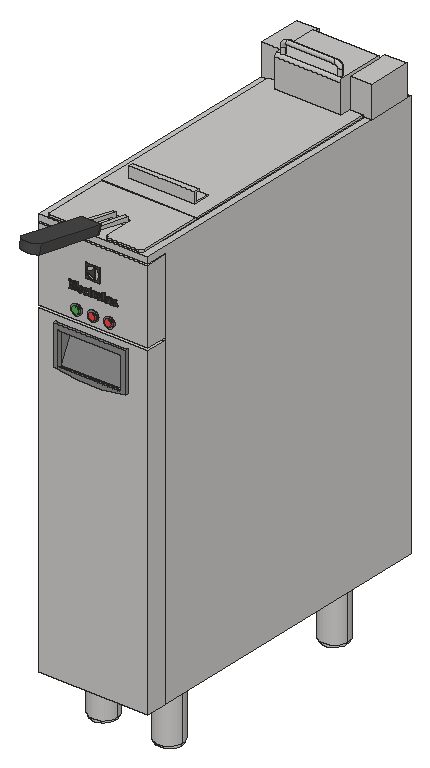
Revit family "QF_ELECTROLUXPROFESSIONAL_285561_EXFRPB1BWF", category Specialty Equipment, Revit 2018 (continued)
Automatic sketch dimensions
  Extrusion 26 sketch curve to Extrusion 26 sketch curve = 7.158 mm
  Extrusion 26 sketch curve to Extrusion 26 sketch curve = 71.42 mm
  Extrusion 26 sketch curve to Extrusion 26 sketch curve = 1.111 mm
  Extrusion 26 sketch curve to Extrusion 26 sketch curve = 5.916 mm
  Extrusion 24 to Extrusion 27 sketch curve = 0 mm
  Extrusion 27 sketch curve to Extrusion 24 = 59 mm
  Extrusion 27 sketch curve to Extrusion 27 sketch curve = 21.25 mm
  Extrusion 27 sketch curve to Extrusion 24 = 2 mm
  Extrusion 27 sketch curve to Extrusion 27 sketch curve = 5.75 mm
  Extrusion 27 sketch curve to Extrusion 27 sketch curve = 3 mm  (x2)
  Extrusion 27 sketch curve to Extrusion 27 sketch curve = 15 mm
  curve 25 to plane 3 "LEFT" = 0 mm
  plane 5 "FRONT" to curve 18 = 0 mm
  curve 23 to plane 15 = 0 mm
  curve 50 to plane 15 = 0 mm
  curve 74 to plane 15 = 0 mm
  plane 5 "FRONT" to curve 54 = 0 mm
  plane 5 "FRONT" to curve 56 = 0 mm
  plane 5 "FRONT" to curve 63 = 0 mm
  plane 5 "FRONT" to curve 57 = 0 mm
  plane 5 "FRONT" to curve 65 = 0 mm
  plane 5 "FRONT" to curve 66 = 0 mm
  curve 71 to plane 18 = 0 mm
  curve 73 to plane 18 = 0 mm
  curve 70 to plane 14 = 0 mm
  curve 26 to plane 14 = 0 mm
  curve 52 to plane 14 = 0 mm
  curve 18 to plane 19 = 0 mm
  curve 27 to plane 4 "RIGHT" = 0 mm
  plane 5 "FRONT" to curve 28 = 0 mm
  plane 3 "LEFT" to curve 43 = 13.5 mm
  curve 49 to curve 42 = 0 mm
  curve 46 to curve 46 = 5 mm
  curve 51 to curve 51 = 5 mm
  curve 50 to curve 50 = 5 mm
  plane 15 to curve 72 = 5 mm
  plane 15 to curve 71 = 5 mm
  plane 5 "FRONT" to curve 55 = 3.175 mm
  plane 15 to curve 55 = 23.625 mm
  curve 54 to curve 35 = 11.925 mm
  curve 35 to curve 56 = 0.775 mm
  curve 35 to curve 34 = 5 mm
  curve 55 to curve 36 = 5.195 mm
  curve 37 to curve 38 = 3.509 mm
  curve 33 to curve 32 = 5 mm
  plane 5 "FRONT" to curve 63 = 3.175 mm
  curve 63 to plane 7 "Center Y" = 6.375 mm
  plane 7 "Center Y" to curve 58 = 6.325 mm
  plane 7 "Center Y" to curve 31 = 14.641 mm
  curve 57 to curve 38 = 8.93 mm
  curve 39 to curve 40 = 3.5 mm
  curve 31 to curve 30 = 5 mm
  plane 5 "FRONT" to curve 64 = 3.175 mm
  curve 39 to curve 64 = 4.87 mm
  curve 30 to curve 29 = 5 mm
  curve 64 to curve 64 = 12.7 mm
  curve 52 to curve 52 = 5 mm
  curve 52 to curve 53 = 16.691 mm
  curve 45 to plane 5 "FRONT" = 8 mm
  curve 45 to plane 4 "RIGHT" = 18.309 mm
  curve 48 to plane 4 "RIGHT" = 13.309 mm
  curve 45 to curve 44 = 5 mm
  curve 45 to curve 18 = 3.809 mm
  plane 20 to curve 36 = 10.668 mm
  plane 20 to curve 40 = 10.668 mm
  curve 36 to curve 55 = 4.887 mm
  curve 40 to curve 64 = 4.878 mm
  curve 39 to curve 38 = 3.432 mm
  curve 46 to plane 5 "FRONT" = 8 mm
  curve 29 to plane 5 "FRONT" = 8 mm
  curve 34 to plane 5 "FRONT" = 8 mm
  plane 12 to curve 30 = 42.238 mm
  curve 43 to plane 12 = 28 mm
  curve 42 to curve 47 = 1 mm
  curve 47 to curve 68 = 29 mm
  curve 69 to curve 75 = 3.75 mm
  curve 75 to curve 70 = 16.25 mm
  curve 50 to plane 11 = 29 mm
  curve 53 to plane 11 = 29 mm
  curve 51 to curve 50 = 0 mm
  curve 52 to curve 53 = 0 mm
  plane 1 "BACK" to curve 27 = 10 mm
  curve 41 to curve 41 = 3.442 mm
  curve 33 to curve 62 = 0.049 mm
  curve 59 to curve 58 = 2.169 mm
  curve 60 to curve 32 = 5.822 mm
  curve 61 to curve 39 = 0.579 mm
  curve 40 to curve 41 = 11.603 mm
  curve 31 to curve 61 = 0 mm
  curve 49 to curve 25 = 5 mm
  curve 26 to curve 26 = 13.124 mm
  curve 23 to curve 23 = 13.124 mm
  curve 8 to plane 4 "RIGHT" = 0 mm
  curve 9 to plane 4 "RIGHT" = 0 mm
  plane 1 "BACK" to curve 17 = 0 mm
  curve 10 to plane 19 = 0 mm
  plane 5 "FRONT" to curve 3 = 0 mm
  curve 14 to plane 14 = 0 mm
  curve 15 to plane 15 = 0 mm
  plane 5 "FRONT" to curve 9 = 0 mm
  curve 9 to curve 3 = 9.5 mm
  curve 3 to curve 7 = 2.048 mm
  plane 18 to curve 20 = 3.059 mm
  plane 15 to curve 22 = 7.824 mm
  curve 4 to plane 5 "FRONT" = 3 mm
  plane 3 "LEFT" to curve 4 = 11.548 mm
  plane 1 "BACK" to curve 14 = 23.124 mm
  curve 19 to plane 11 = 27.073 mm
  curve 22 to curve 22 = 3.829 mm
  curve 20 to curve 12 = 5.415 mm
  curve 7 to plane 5 "FRONT" = 3 mm
  plane 7 "Center Y" to curve 6 = 24.641 mm
  curve 5 to plane 7 "Center Y" = 24.45 mm
  curve 15 to curve 19 = 8.803 mm
  curve 15 to curve 16 = 1.876 mm
  curve 15 to curve 7 = 1.876 mm
  plane 1 "BACK" to curve 28 = 0 mm
  plane 1 "BACK" to curve 25 = 10 mm
  curve 1 to plane 4 "RIGHT" = 0 mm
  curve 17 to plane 4 "RIGHT" = 0 mm
  curve 16 to plane 3 "LEFT" = 0 mm
  curve 1 to plane 3 "LEFT" = 0 mm
  radius of Sweep 20 sketch curve = 3.827 mm
  radius of Extrusion 7 sketch curve = 6.35 mm
  radius of Extrusion 13 sketch curve = 6.35 mm
  radius of Extrusion 15 sketch curve = 6.35 mm
  radius of Extrusion 17 sketch curve = 6.35 mm
Connectors
  electrical at (155, -50, 92)
    settings: on Extrusion 7, index 1, voltage 400 V, apparent load 16050 VA, apparent load phase1 0 VA, apparent load phase2 0 VA, apparent load phase3 0 VA, power factor 1, load classification "Other", number of poles 1, system type 30, power factor state 1, is connector primary yes, connector utility no, sub classification motor no, connector description "ELECTRICAL CONNECTION"
